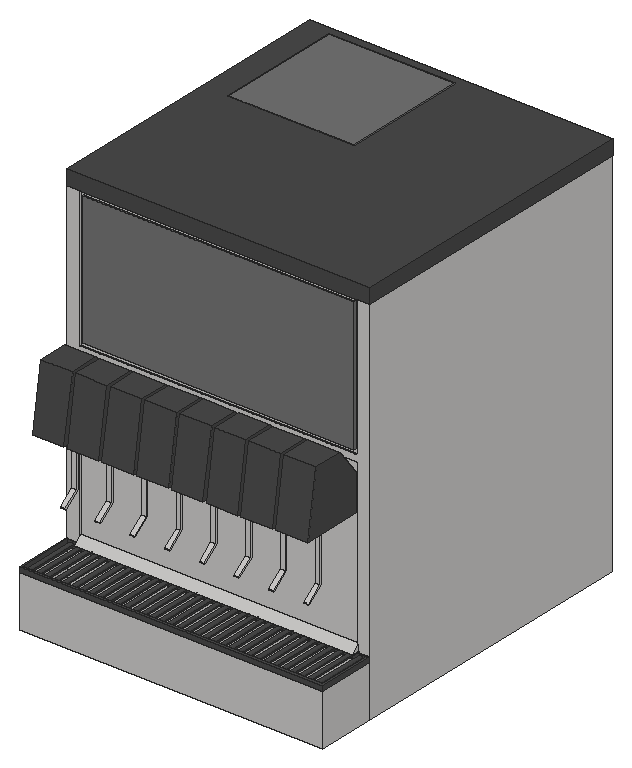
Revit family "QF_LANCER_CED 8000 HI_cat", category Specialty Equipment, Revit 2012
Parameters
  Width [instance] = 24"  # constant formula
  Weight in Pounds = 220
  Watts = 0 W
  Waste Water Discharge Temperature [instance] = -459.67 °F
  Volts = 115 V
  URL Cutsheet = "www.lancercorp.com"
  URL = "www.lancercorp.com"
  Type Mark [instance] = ""
  Status [instance] = ""
  Specification by User [instance] = ""
  Specification by Manufacturer = ""
  Show Clearance [instance] = no
  Serial Number = ""
  Seismic Rating = ""
  SMACNA No = ""
  Revision Code [instance] = ""
  Refrigerant Type = "R134A"
  Plumbing Remarks [instance] = ""
  Plumbing Connection Type [instance] = ""
  Phase = 0
  Omniclass Number and Title = ""
  Number of Poles [instance] = 1
  NAFEM Spec ID Number = ""
  Model = "CED 8000 HI"
  Min Ckt Ampacity = 0 A
  Max Overcurrent Protection = 0 A
  Masterspec = ""
  Manufacturer = "LANCER"
  Item Number [instance] = ""
  Installed By [instance] = ""
  Indirect Waste Size = 3/4"
  Indirect Waste Flow [instance] = 0 GPM
  Indirect Waste Connection Type [instance] = ""
  Indirect Waste Connection Height = 0"
  Identify Quantity as Lot [instance] = yes
  Height [instance] = 30 5/8"  # constant formula
  HP = "3/4"
  Furnished By [instance] = ""
  Foodservice Equipment Identifier [instance] = yes
  FL Amps = 14 A
  Electrical Remarks [instance] = ""
  Electric Connection Type [instance] = ""
  Elec Conn RI Height [instance] = 0"
  Elec Conn Connection Height [instance] = 0"
  Description = "HIGH PERFORMANCE DISPENSER"
  Depth [instance] = 28 5/8"  # constant formula
  Cycle = 50 Hz
  Conn Plug = ""
  Conn Conduit = yes
  Cold Water Temperature Recommended [instance] = 0 °F
  Cold Water Size = 3/8"
  Cold Water RI Height [instance] = 0"
  Cold Water Minimum Pressure = 0.00 psi
  Cold Water Maximum Pressure = 0.00 psi
  Cold Water Flow [instance] = 0 GPM
  Cold Water Consumption = ""
  Cold Water Connection Height = 0"
  CSI MasterFormat = ""
  CSI Master Format = ""
  Base Height [instance] = 0"
  Apparent Power = if(Phase = 3, Volts * FL Amps * 1.73, Volts * FL Amps)  # 1610 VA
Reference planes (in)
  plane 1 "BACK": y = 0
  plane 2: z = 0
  plane 3 "LEFT": x = 0
  plane 4 "RIGHT": x = 24
  plane 5 "FRONT": y = -28.625
  plane 6 "TOP": z = 30.625
  plane 7: x = 12
  plane 8: y = -14.3125
  plane 9: y = -24
  plane 10 "Base": z = 0
  plane 11: z = 4.46
  plane 12: z = 14.1475
  plane 13: x = 2.25
  plane 14: x = 5.08367
  plane 15: x = 2.45867
  plane 16: x = 1
  plane 17: x = 23
  plane 18: x = 1.55708
  plane 19: x = 22.44292
  plane 20: x = 21.5
  plane 21: x = 24.33367
  plane 22: x = 21.70867
  plane 23: x = 5
  plane 24: x = 7.83367
  plane 25: x = 5.20867
  plane 26: x = 7.75
  plane 27: x = 10.58367
  plane 28: x = 7.95867
  plane 29: x = 10.5
  plane 30: x = 13.33367
  plane 31: x = 10.70867
  plane 32: x = 13.25
  plane 33: x = 16.08367
  plane 34: x = 13.45867
  plane 35: x = 16
  plane 36: x = 18.83367
  plane 37: x = 16.20867
  plane 38: x = 18.75
  plane 39: x = 21.58367
  plane 40: x = 18.95867
  plane 41: z = 4
  plane 42: z = 17.95186
  plane 43: z = 15.3125
Forms (in)
  Extrusion 1, solid, material "QF_Finishes_Stainless Steel"
    sketch origin (-4.95282, -180, 0) x (-1, 0, 0) y (0, -1, 0)
      loop
        line (-4.95282, -156) -> (-28.95282, -156) -> (-28.95282, -179.9375) -> (-4.95282, -179.9375) -> (-4.95282, -156)
    from 0 to 29.43433
  Extrusion 2, solid, material "QF_Finishes_Black"
    sketch origin (-4.95282, -180, 29.43433) x (-1, 0, 0) y (0, -1, 0)
      loop
        line (-4.95282, -180) -> (-4.95282, -156) -> (-28.95282, -156) -> (-28.95282, -180) -> (-4.95282, -180)
      loop
        line (-6.95282, -169.4375) -> (-16.95282, -169.4375) -> (-16.95282, -179.4375) -> (-6.95282, -179.4375) -> (-6.95282, -169.4375)
    from 0 to 1.1875
  Extrusion 3, solid, material "QF_Finishes_Stainless Steel"
    sketch origin (-4.83017, -180, 0) x (-1, 0, 0) y (0, -1, 0)
      loop
        line (-4.83017, -156) -> (-4.83017, -151.375) -> (-28.83017, -151.375) -> (-28.83017, -156) -> (-4.83017, -156)
      loop
        line (-4.95366, -155.87651) -> (-4.95366, -151.49849) -> (-28.70668, -151.49849) -> (-28.70668, -155.87651) -> (-4.95366, -155.87651)
    from 0 to 4
  Extrusion 4, solid, material "QF_Finishes_Stainless Steel"
    sketch origin (-4.83017, -180, 0) x (-1, 0, 0) y (0, -1, 0)
      loop
        line (-4.95366, -155.875) -> (-4.95366, -151.49849) -> (-28.70668, -151.49849) -> (-28.70668, -155.875) -> (-4.95366, -155.875)
    from 0 to 0.25
  Extrusion 5, solid, material "QF_Finishes_Stainless Steel"
    sketch origin (0, 0.125, 0) x (0, 1, 0) y (0, 0, 1)
      loop
        line (-24, 5.06401) -> (-24.60401, 4.46) -> (-24, 4.46) -> (-24, 5.06401)
    from 1 to 23
  Extrusion 6, solid, material "QF_Finishes_Stainless Steel"
    sketch origin (-6.80125, -0.0625, 13.79713) x (1, 0, 0) y (0, 0, -1)
      loop
        circle (18.8125, -1.5) r 0.25
      loop
        circle (29.55125, 12.54713) r 0.1875
    from 0 to 0.0625
  Extrusion 7, solid, material "QF_Finishes_Rubber Black"
    sketch origin (-4.95282, -180, 29.43433) x (-1, 0, 0) y (0, -1, 0)
      loop
        line (-16.95282, -179.4375) -> (-6.95282, -179.4375) -> (-6.95282, -169.4375) -> (-16.95282, -169.4375) -> (-16.95282, -179.4375)
    from 0 to 1.1875
  Extrusion 8, solid, material "QF_Finishes_Black"
    sketch origin (4.07258, -0.50784, -1.4775) x (0, 1, 0) y (0, 0, -1)
      loop
        line (-27.30905, -20.625) -> (-24.95598, -20.625) -> (-23.36716, -18.5914) -> (-23.36716, -15.625) -> (-28.11716, -15.625) -> (-27.30905, -20.625)
    from 0.57258 to 3.07258
  Extrusion 9, solid, material "QF_Finishes_Black"
    sketch origin (-4.57258, -0.50784, -2.29283) x (1, 0, 0) y (0, 1, 0)
      loop
        circle (6.82258, -26.65163) r 0.5
    from 15.81486 to 16.44033
  Sweep 10, solid, material "QF_Finishes_Stainless Steel"
    path origin (0.55242, -0.50784, -2.29283) x (0, 1, 0) y (0, 0, 1)
      loop
        line (-25.46144, 16.44033) -> (-25.46144, 11.90908) -> (-26.65939, 11.00636)
    profile origin (0.55242, -25.96928, 11.88187) x (1, 0, 0) y (0, 1, 0)
      loop
        line (1.51008, 0) -> (1.51008, -0.0625) -> (1.88508, -0.0625) -> (1.88508, 0) -> (1.51008, 0)
  Extrusion 11, void
    sketch origin (24, -24, 0) x (-1, 0, 0) y (0, 0, -1)
      loop
        line (23, -17.95186) -> (23, -3.5) -> (1, -3.5) -> (1, -17.95186) -> (23, -17.95186)
      loop
        line (23, -18.45186) -> (1, -18.45186) -> (1, -29.43433) -> (23, -29.43433) -> (23, -18.45186)
    from 0.08328 to -0.125
  Extrusion 12, solid, material "QF_Finishes_Black"
    sketch origin (23.32258, -0.50784, -1.4775) x (0, 1, 0) y (0, 0, -1)
      loop
        line (-27.30905, -20.625) -> (-24.95598, -20.625) -> (-23.36716, -18.5914) -> (-23.36716, -15.625) -> (-28.11716, -15.625) -> (-27.30905, -20.625)
    from 0.57258 to 3.07258
  Extrusion 13, solid, material "QF_Finishes_Black"
    sketch origin (14.67742, -0.50784, -2.29283) x (1, 0, 0) y (0, 1, 0)
      loop
        circle (6.82258, -26.65163) r 0.5
    from 15.81486 to 16.44033
  Sweep 14, solid, material "QF_Finishes_Stainless Steel"
    path origin (19.80242, -0.50784, -2.29283) x (0, 1, 0) y (0, 0, 1)
      loop
        line (-25.46144, 16.44033) -> (-25.46144, 11.90908) -> (-26.65939, 11.00636)
    profile origin (19.80242, -25.96928, 11.88187) x (1, 0, 0) y (0, 1, 0)
      loop
        line (1.51008, 0) -> (1.51008, -0.0625) -> (1.88508, -0.0625) -> (1.88508, 0) -> (1.51008, 0)
  Extrusion 15, solid, material "QF_Finishes_Black"
    sketch origin (6.82258, -0.50784, -1.4775) x (0, 1, 0) y (0, 0, -1)
      loop
        line (-27.30905, -20.625) -> (-24.95598, -20.625) -> (-23.36716, -18.5914) -> (-23.36716, -15.625) -> (-28.11716, -15.625) -> (-27.30905, -20.625)
    from 0.57258 to 3.07258
  Extrusion 16, solid, material "QF_Finishes_Black"
    sketch origin (-1.82258, -0.50784, -2.29283) x (1, 0, 0) y (0, 1, 0)
      loop
        circle (6.82258, -26.65163) r 0.5
    from 15.81486 to 16.44033
  Sweep 17, solid, material "QF_Finishes_Stainless Steel"
    path origin (3.30242, -0.50784, -2.29283) x (0, 1, 0) y (0, 0, 1)
      loop
        line (-25.46144, 16.44033) -> (-25.46144, 11.90908) -> (-26.65939, 11.00636)
    profile origin (3.30242, -25.96928, 11.88187) x (1, 0, 0) y (0, 1, 0)
      loop
        line (1.51008, 0) -> (1.51008, -0.0625) -> (1.88508, -0.0625) -> (1.88508, 0) -> (1.51008, 0)
  Extrusion 18, solid, material "QF_Finishes_Black"
    sketch origin (9.57258, -0.50784, -1.4775) x (0, 1, 0) y (0, 0, -1)
      loop
        line (-27.30905, -20.625) -> (-24.95598, -20.625) -> (-23.36716, -18.5914) -> (-23.36716, -15.625) -> (-28.11716, -15.625) -> (-27.30905, -20.625)
    from 0.57258 to 3.07258
  Extrusion 19, solid, material "QF_Finishes_Black"
    sketch origin (0.92742, -0.50784, -2.29283) x (1, 0, 0) y (0, 1, 0)
      loop
        circle (6.82258, -26.65163) r 0.5
    from 15.81486 to 16.44033
  Sweep 20, solid, material "QF_Finishes_Stainless Steel"
    path origin (6.05242, -0.50784, -2.29283) x (0, 1, 0) y (0, 0, 1)
      loop
        line (-25.46144, 16.44033) -> (-25.46144, 11.90908) -> (-26.65939, 11.00636)
    profile origin (6.05242, -25.96928, 11.88187) x (1, 0, 0) y (0, 1, 0)
      loop
        line (1.51008, 0) -> (1.51008, -0.0625) -> (1.88508, -0.0625) -> (1.88508, 0) -> (1.51008, 0)
  Extrusion 21, solid, material "QF_Finishes_Black"
    sketch origin (12.32258, -0.50784, -1.4775) x (0, 1, 0) y (0, 0, -1)
      loop
        line (-27.30905, -20.625) -> (-24.95598, -20.625) -> (-23.36716, -18.5914) -> (-23.36716, -15.625) -> (-28.11716, -15.625) -> (-27.30905, -20.625)
    from 0.57258 to 3.07258
  Extrusion 22, solid, material "QF_Finishes_Black"
    sketch origin (3.67742, -0.50784, -2.29283) x (1, 0, 0) y (0, 1, 0)
      loop
        circle (6.82258, -26.65163) r 0.5
    from 15.81486 to 16.44033
  Sweep 23, solid, material "QF_Finishes_Stainless Steel"
    path origin (8.80242, -0.50784, -2.29283) x (0, 1, 0) y (0, 0, 1)
      loop
        line (-25.46144, 16.44033) -> (-25.46144, 11.90908) -> (-26.65939, 11.00636)
    profile origin (8.80242, -25.96928, 11.88187) x (1, 0, 0) y (0, 1, 0)
      loop
        line (1.51008, 0) -> (1.51008, -0.0625) -> (1.88508, -0.0625) -> (1.88508, 0) -> (1.51008, 0)
  Extrusion 24, solid, material "QF_Finishes_Black"
    sketch origin (15.07258, -0.50784, -1.4775) x (0, 1, 0) y (0, 0, -1)
      loop
        line (-27.30905, -20.625) -> (-24.95598, -20.625) -> (-23.36716, -18.5914) -> (-23.36716, -15.625) -> (-28.11716, -15.625) -> (-27.30905, -20.625)
    from 0.57258 to 3.07258
  Extrusion 25, solid, material "QF_Finishes_Black"
    sketch origin (6.42742, -0.50784, -2.29283) x (1, 0, 0) y (0, 1, 0)
      loop
        circle (6.82258, -26.65163) r 0.5
    from 15.81486 to 16.44033
  Sweep 26, solid, material "QF_Finishes_Stainless Steel"
    path origin (11.55242, -0.50784, -2.29283) x (0, 1, 0) y (0, 0, 1)
      loop
        line (-25.46144, 16.44033) -> (-25.46144, 11.90908) -> (-26.65939, 11.00636)
    profile origin (11.55242, -25.96928, 11.88187) x (1, 0, 0) y (0, 1, 0)
      loop
        line (1.51008, 0) -> (1.51008, -0.0625) -> (1.88508, -0.0625) -> (1.88508, 0) -> (1.51008, 0)
  Extrusion 27, solid, material "QF_Finishes_Black"
    sketch origin (17.82258, -0.50784, -1.4775) x (0, 1, 0) y (0, 0, -1)
      loop
        line (-27.30905, -20.625) -> (-24.95598, -20.625) -> (-23.36716, -18.5914) -> (-23.36716, -15.625) -> (-28.11716, -15.625) -> (-27.30905, -20.625)
    from 0.57258 to 3.07258
  Extrusion 28, solid, material "QF_Finishes_Black"
    sketch origin (9.17742, -0.50784, -2.29283) x (1, 0, 0) y (0, 1, 0)
      loop
        circle (6.82258, -26.65163) r 0.5
    from 15.81486 to 16.44033
  Sweep 29, solid, material "QF_Finishes_Stainless Steel"
    path origin (14.30242, -0.50784, -2.29283) x (0, 1, 0) y (0, 0, 1)
      loop
        line (-25.46144, 16.44033) -> (-25.46144, 11.90908) -> (-26.65939, 11.00636)
    profile origin (14.30242, -25.96928, 11.88187) x (1, 0, 0) y (0, 1, 0)
      loop
        line (1.51008, 0) -> (1.51008, -0.0625) -> (1.88508, -0.0625) -> (1.88508, 0) -> (1.51008, 0)
  Extrusion 30, solid, material "QF_Finishes_Black"
    sketch origin (20.57258, -0.50784, -1.4775) x (0, 1, 0) y (0, 0, -1)
      loop
        line (-27.30905, -20.625) -> (-24.95598, -20.625) -> (-23.36716, -18.5914) -> (-23.36716, -15.625) -> (-28.11716, -15.625) -> (-27.30905, -20.625)
    from 0.57258 to 3.07258
  Extrusion 31, solid, material "QF_Finishes_Black"
    sketch origin (11.92742, -0.50784, -2.29283) x (1, 0, 0) y (0, 1, 0)
      loop
        circle (6.82258, -26.65163) r 0.5
    from 15.81486 to 16.44033
  Sweep 32, solid, material "QF_Finishes_Stainless Steel"
    path origin (17.05242, -0.50784, -2.29283) x (0, 1, 0) y (0, 0, 1)
      loop
        line (-25.46144, 16.44033) -> (-25.46144, 11.90908) -> (-26.65939, 11.00636)
    profile origin (17.05242, -25.96928, 11.88187) x (1, 0, 0) y (0, 1, 0)
      loop
        line (1.51008, 0) -> (1.51008, -0.0625) -> (1.88508, -0.0625) -> (1.88508, 0) -> (1.51008, 0)
  Extrusion 33, solid, material "QF_Finishes_Black"
    sketch origin (-4.83017, -180, 4) x (-1, 0, 0) y (0, -1, 0)
      loop
        line (-4.83017, -156) -> (-4.83017, -151.375) -> (-28.83017, -151.375) -> (-28.83017, -156) -> (-4.83017, -156)
      loop
        line (-4.95366, -151.49849) -> (-28.70668, -151.49849) -> (-28.70668, -155.87651) -> (-4.95366, -155.87651) -> (-4.95366, -151.49849)
    from 0 to 0.46
  Extrusion 34, solid, material "QF_Finishes_Black"
    sketch origin (0, 0, -12.75) x (1, 0, 0) y (0, 0, 1)
      loop
        circle (0.48625, 16.97888) r 0.15329
      loop
        circle (1.17846, 16.97888) r 0.15329
      loop
        circle (1.87067, 16.97888) r 0.15329
      loop
        circle (2.56289, 16.97888) r 0.15329
      loop
        circle (3.2551, 16.97888) r 0.15329
      loop
        circle (3.94731, 16.97888) r 0.15329
      loop
        circle (4.63953, 16.97888) r 0.15329
      loop
        circle (5.33174, 16.97888) r 0.15329
      loop
        circle (6.02395, 16.97888) r 0.15329
      loop
        circle (6.71617, 16.97888) r 0.15329
      loop
        circle (7.40838, 16.97888) r 0.15329
      loop
        circle (8.10059, 16.97888) r 0.15329
      loop
        circle (8.79281, 16.97888) r 0.15329
      loop
        circle (9.48502, 16.97888) r 0.15329
      loop
        circle (10.17724, 16.97888) r 0.15329
      loop
        circle (10.86945, 16.97888) r 0.15329
      loop
        circle (11.56166, 16.97888) r 0.15329
      loop
        circle (12.25388, 16.97888) r 0.15329
      loop
        circle (12.94609, 16.97888) r 0.15329
      loop
        circle (13.6383, 16.97888) r 0.15329
      loop
        circle (14.33052, 16.97888) r 0.15329
      loop
        circle (15.02273, 16.97888) r 0.15329
      loop
        circle (15.71494, 16.97888) r 0.15329
      loop
        circle (16.40716, 16.97888) r 0.15329
      loop
        circle (17.09937, 16.97888) r 0.15329
      loop
        circle (17.79158, 16.97888) r 0.15329
      loop
        circle (18.4838, 16.97888) r 0.15329
      loop
        circle (19.17601, 16.97888) r 0.15329
      loop
        circle (19.86823, 16.97888) r 0.15329
      loop
        circle (20.56044, 16.97888) r 0.15329
      loop
        circle (21.25265, 16.97888) r 0.15329
      loop
        circle (21.94487, 16.97888) r 0.15329
      loop
        circle (22.63708, 16.97888) r 0.15329
      loop
        circle (23.32929, 16.97888) r 0.15329
    from 23.49849 to 28.50151
  Extrusion 35, solid, material "QF_Finishes_Vents_Rubber Black"
    sketch origin (24, -23.875, 0) x (-1, 0, 0) y (0, 0, -1)
      loop
        line (1.25, -18.70186) -> (1.25, -29.18433) -> (22.75, -29.18433) -> (22.75, -18.70186) -> (1.25, -18.70186)
    from 0 to 0.125
  Extrusion 36, solid, material "QF_Finishes_Stainless Steel"
    sketch origin (-4.83017, -180, 0) x (0, -1, 0) y (-1, 0, 0)
      loop
        circle (-153.68675, -16.83017) r 0.375
    from 0 to 0.0625
Cuts and joins
  Extrusion 11 cuts Extrusion 1
Lines and regions (in)
  Split face 1
    outline origin (7.71773, -27.85696, 18.89959) x (0, -0.159551, -0.98719) y (1, 0, 0)
      loop
        line (3.50126, -4.28023) -> (-0.18862, -4.28023) -> (-0.18862, -6.65523) -> (3.50126, -6.65523) -> (3.50126, -4.28023)
  Split face 2
    outline origin (24, -24, 30.95857) x (0, 0, -1) y (0, 1, 0)
      loop
        line (13.00671, 0) -> (13.00671, 23.9375)
  Split face 3
    outline origin (0, -0.0625, 29.43433) x (0, 0, -1) y (0, -1, 0)
      loop
        line (11.48247, 23.9375) -> (11.48247, 0)
  Split face 4
    outline origin (26.96773, -27.85696, 18.89959) x (0, -0.159551, -0.98719) y (1, 0, 0)
      loop
        line (3.50126, -4.28023) -> (-0.18862, -4.28023) -> (-0.18862, -6.65523) -> (3.50126, -6.65523) -> (3.50126, -4.28023)
  Split face 5
    outline origin (10.46773, -27.85696, 18.89959) x (0, -0.159551, -0.98719) y (1, 0, 0)
      loop
        line (3.50126, -4.28023) -> (-0.18862, -4.28023) -> (-0.18862, -6.65523) -> (3.50126, -6.65523) -> (3.50126, -4.28023)
  Split face 6
    outline origin (13.21773, -27.85696, 18.89959) x (0, -0.159551, -0.98719) y (1, 0, 0)
      loop
        line (3.50126, -4.28023) -> (-0.18862, -4.28023) -> (-0.18862, -6.65523) -> (3.50126, -6.65523) -> (3.50126, -4.28023)
  Split face 7
    outline origin (15.96773, -27.85696, 18.89959) x (0, -0.159551, -0.98719) y (1, 0, 0)
      loop
        line (3.50126, -4.28023) -> (-0.18862, -4.28023) -> (-0.18862, -6.65523) -> (3.50126, -6.65523) -> (3.50126, -4.28023)
  Split face 8
    outline origin (18.71773, -27.85696, 18.89959) x (0, -0.159551, -0.98719) y (1, 0, 0)
      loop
        line (3.50126, -4.28023) -> (-0.18862, -4.28023) -> (-0.18862, -6.65523) -> (3.50126, -6.65523) -> (3.50126, -4.28023)
  Split face 9
    outline origin (21.46773, -27.85696, 18.89959) x (0, -0.159551, -0.98719) y (1, 0, 0)
      loop
        line (3.50126, -4.28023) -> (-0.18862, -4.28023) -> (-0.18862, -6.65523) -> (3.50126, -6.65523) -> (3.50126, -4.28023)
  Split face 10
    outline origin (24.21773, -27.85696, 18.89959) x (0, -0.159551, -0.98719) y (1, 0, 0)
      loop
        line (3.50126, -4.28023) -> (-0.18862, -4.28023) -> (-0.18862, -6.65523) -> (3.50126, -6.65523) -> (3.50126, -4.28023)
  Split face 11
    outline origin (-4.95282, -180, 30.62183) x (-1, 0, 0) y (0, -1, 0)
      loop
        line (-6.95282, -179.1875) -> (-16.95282, -179.1875)
      loop
        line (-6.95282, -178.9375) -> (-16.95282, -178.9375)
      loop
        line (-6.95282, -178.6875) -> (-16.95282, -178.6875)
      loop
        line (-6.95282, -178.4375) -> (-16.95282, -178.4375)
      loop
        line (-6.95282, -178.1875) -> (-16.95282, -178.1875)
      loop
        line (-6.95282, -177.9375) -> (-16.95282, -177.9375)
      loop
        line (-6.95282, -177.6875) -> (-16.95282, -177.6875)
      loop
        line (-6.95282, -177.4375) -> (-16.95282, -177.4375)
      loop
        line (-6.95282, -177.1875) -> (-16.95282, -177.1875)
      loop
        line (-6.95282, -176.9375) -> (-16.95282, -176.9375)
      loop
        line (-6.95282, -176.6875) -> (-16.95282, -176.6875)
      loop
        line (-6.95282, -176.4375) -> (-16.95282, -176.4375)
      loop
        line (-6.95282, -176.1875) -> (-16.95282, -176.1875)
      loop
        line (-6.95282, -175.9375) -> (-16.95282, -175.9375)
      loop
        line (-6.95282, -175.6875) -> (-16.95282, -175.6875)
      loop
        line (-6.95282, -175.4375) -> (-16.95282, -175.4375)
      loop
        line (-6.95282, -175.1875) -> (-16.95282, -175.1875)
      loop
        line (-6.95282, -174.9375) -> (-16.95282, -174.9375)
      loop
        line (-6.95282, -174.6875) -> (-16.95282, -174.6875)
      loop
        line (-6.95282, -174.4375) -> (-16.95282, -174.4375)
      loop
        line (-6.95282, -174.1875) -> (-16.95282, -174.1875)
      loop
        line (-6.95282, -173.9375) -> (-16.95282, -173.9375)
      loop
        line (-6.95282, -173.6875) -> (-16.95282, -173.6875)
      loop
        line (-6.95282, -173.4375) -> (-16.95282, -173.4375)
      loop
        line (-6.95282, -173.1875) -> (-16.95282, -173.1875)
      loop
        line (-6.95282, -172.9375) -> (-16.95282, -172.9375)
      loop
        line (-6.95282, -172.6875) -> (-16.95282, -172.6875)
      loop
        line (-6.95282, -172.4375) -> (-16.95282, -172.4375)
      loop
        line (-6.95282, -172.1875) -> (-16.95282, -172.1875)
      loop
        line (-6.95282, -171.9375) -> (-16.95282, -171.9375)
      loop
        line (-6.95282, -171.6875) -> (-16.95282, -171.6875)
      loop
        line (-6.95282, -171.4375) -> (-16.95282, -171.4375)
      loop
        line (-6.95282, -171.1875) -> (-16.95282, -171.1875)
      loop
        line (-6.95282, -170.9375) -> (-16.95282, -170.9375)
      loop
        line (-6.95282, -170.6875) -> (-16.95282, -170.6875)
      loop
        line (-6.95282, -170.4375) -> (-16.95282, -170.4375)
      loop
        line (-6.95282, -170.13403) -> (-16.95282, -170.13403)
      loop
        line (-6.95282, -169.88403) -> (-16.95282, -169.88403)
      loop
        line (-6.95282, -169.63403) -> (-16.95282, -169.63403)
  Split face 12
    outline origin (0, -24, 16.68433) x (0, 0, -1) y (1, 0, 0)
      loop
        line (-1.26753, 23) -> (-1.26753, 24)
      loop
        line (-1.26753, 1) -> (-1.26753, 0)
  symbolic lines
    curve 1: line (0, -28.625, 0) -> (24, -28.625, 0)
    curve 2: line (24, -24, 0) -> (0, -24, 0)
    curve 3: line (0, -24, 0) -> (0, -28.625, 0)
    curve 4: line (24, 0, 0) -> (0, 0, 0)
    curve 5: line (24, -28.625, 0) -> (24, 0, 0)
    curve 6: line (0, 0, 0) -> (0, -24, 0)
    curve 7: line (3.5, -25.46382, 0) -> (1, -25.46382, 0)
    curve 8: line (3.5, -28.625, 0) -> (3.5, -24, 0)
    curve 9: line (1, -24, 0) -> (1, -28.625, 0)
    curve 10: line (1, -27.81689, 0) -> (3.5, -27.81689, 0)
    curve 11: line (22.75, -25.46382, 0) -> (20.25, -25.46382, 0)
    curve 12: line (22.75, -28.625, 0) -> (22.75, -24, 0)
    curve 13: line (20.25, -24, 0) -> (20.25, -28.625, 0)
    curve 14: line (20.25, -27.81689, 0) -> (22.75, -27.81689, 0)
    curve 15: line (6.25, -25.46382, 0) -> (3.75, -25.46382, 0)
    curve 16: line (6.25, -28.625, 0) -> (6.25, -24, 0)
    curve 17: line (3.75, -24, 0) -> (3.75, -28.625, 0)
    curve 18: line (3.75, -27.81689, 0) -> (6.25, -27.81689, 0)
    curve 19: line (9, -25.46382, 0) -> (6.5, -25.46382, 0)
    curve 20: line (9, -28.625, 0) -> (9, -24, 0)
    curve 21: line (6.5, -24, 0) -> (6.5, -28.625, 0)
    curve 22: line (6.5, -27.81689, 0) -> (9, -27.81689, 0)
    curve 23: line (11.75, -25.46382, 0) -> (9.25, -25.46382, 0)
    curve 24: line (11.75, -28.625, 0) -> (11.75, -24, 0)
    curve 25: line (9.25, -24, 0) -> (9.25, -28.625, 0)
    curve 26: line (9.25, -27.81689, 0) -> (11.75, -27.81689, 0)
    curve 27: line (14.5, -25.46382, 0) -> (12, -25.46382, 0)
    curve 28: line (14.5, -28.625, 0) -> (14.5, -24, 0)
    curve 29: line (12, -24, 0) -> (12, -28.625, 0)
    curve 30: line (12, -27.81689, 0) -> (14.5, -27.81689, 0)
    curve 31: line (17.25, -25.46382, 0) -> (14.75, -25.46382, 0)
    curve 32: line (17.25, -28.625, 0) -> (17.25, -24, 0)
    curve 33: line (14.75, -24, 0) -> (14.75, -28.625, 0)
    curve 34: line (14.75, -27.81689, 0) -> (17.25, -27.81689, 0)
    curve 35: line (20, -25.46382, 0) -> (17.5, -25.46382, 0)
    curve 36: line (20, -28.625, 0) -> (20, -24, 0)
    curve 37: line (17.5, -24, 0) -> (17.5, -28.625, 0)
    curve 38: line (17.5, -27.81689, 0) -> (20, -27.81689, 0)
    curve 39: line (2, -10.5625, 0) -> (12, -10.5625, 0)
    curve 40: line (12, -10.5625, 0) -> (12, -0.5625, 0)
    curve 41: line (2, -0.5625, 0) -> (2, -10.5625, 0)
    curve 42: line (12, -0.5625, 0) -> (2, -0.5625, 0)
    curve 43: line (2, -0.8125, 0) -> (12, -0.8125, 0)
    curve 44: line (2, -1.0625, 0) -> (12, -1.0625, 0)
    curve 45: line (2, -1.3125, 0) -> (12, -1.3125, 0)
    curve 46: line (2, -1.5625, 0) -> (12, -1.5625, 0)
    curve 47: line (2, -1.8125, 0) -> (12, -1.8125, 0)
    curve 48: line (2, -2.0625, 0) -> (12, -2.0625, 0)
    curve 49: line (2, -2.3125, 0) -> (12, -2.3125, 0)
    curve 50: line (2, -2.5625, 0) -> (12, -2.5625, 0)
    curve 51: line (2, -2.8125, 0) -> (12, -2.8125, 0)
    curve 52: line (2, -3.0625, 0) -> (12, -3.0625, 0)
    curve 53: line (2, -3.3125, 0) -> (12, -3.3125, 0)
    curve 54: line (2, -3.5625, 0) -> (12, -3.5625, 0)
    curve 55: line (2, -3.8125, 0) -> (12, -3.8125, 0)
    curve 56: line (2, -4.0625, 0) -> (12, -4.0625, 0)
    curve 57: line (2, -4.3125, 0) -> (12, -4.3125, 0)
    curve 58: line (2, -4.5625, 0) -> (12, -4.5625, 0)
    curve 59: line (2, -4.8125, 0) -> (12, -4.8125, 0)
    curve 60: line (2, -5.0625, 0) -> (12, -5.0625, 0)
    curve 61: line (2, -5.3125, 0) -> (12, -5.3125, 0)
    curve 62: line (2, -5.5625, 0) -> (12, -5.5625, 0)
    curve 63: line (2, -5.8125, 0) -> (12, -5.8125, 0)
    curve 64: line (2, -6.0625, 0) -> (12, -6.0625, 0)
    curve 65: line (2, -6.3125, 0) -> (12, -6.3125, 0)
    curve 66: line (2, -6.5625, 0) -> (12, -6.5625, 0)
    curve 67: line (2, -6.8125, 0) -> (12, -6.8125, 0)
    curve 68: line (2, -7.0625, 0) -> (12, -7.0625, 0)
    curve 69: line (2, -7.3125, 0) -> (12, -7.3125, 0)
    curve 70: line (2, -7.5625, 0) -> (12, -7.5625, 0)
    curve 71: line (2, -7.8125, 0) -> (12, -7.8125, 0)
    curve 72: line (2, -8.0625, 0) -> (12, -8.0625, 0)
    curve 73: line (2, -8.3125, 0) -> (12, -8.3125, 0)
    curve 74: line (2, -8.5625, 0) -> (12, -8.5625, 0)
    curve 75: line (2, -8.8125, 0) -> (12, -8.8125, 0)
    curve 76: line (2, -9.0625, 0) -> (12, -9.0625, 0)
    curve 77: line (2, -9.3125, 0) -> (12, -9.3125, 0)
    curve 78: line (2, -9.5625, 0) -> (12, -9.5625, 0)
    curve 79: line (2, -9.86597, 0) -> (12, -9.86597, 0)
    curve 80: line (2, -10.11597, 0) -> (12, -10.11597, 0)
    curve 81: line (2, -10.36597, 0) -> (12, -10.36597, 0)
    curve 82: line (5.25, -0.5625, 0) -> (5.25, -10.5625, 0)
    curve 83: line (8.75, -0.5625, 0) -> (8.75, -10.5625, 0)
Dimensions and locks (in)
  "Width": plane 3 "LEFT" to plane 4 "RIGHT"
  "Depth": plane 5 "FRONT" to plane 1 "BACK"
  equal spacing: plane 3 "LEFT", plane 7, plane 4 "RIGHT"
  equal spacing: plane 5 "FRONT", plane 8, plane 1 "BACK"
  plane 9 to plane 5 "FRONT" = 4 5/8"
  "Base Height": plane 10 "Base" to level
  plane 12 to plane 11 to plane 10 "Base" = 9 11/16", 4.46"
  plane 9 to plane 1 "BACK" = 24"
  plane 17 to plane 4 "RIGHT" = 1"
  plane 16 to plane 3 "LEFT" = 1"
  "Height": plane 6 "TOP" to plane 10 "Base"
  plane 3 "LEFT" to Extrusion 1 = 24"
  equal spacing: group 1, group 3, group 4, group 5, group 6, group 7, group 8, group 2  (x3)
  plane 1 "BACK" to plane 9 = 24"
  equal spacing: plane 6 "TOP", plane 43, level
  aligned and locked: level to plane 2
  aligned and locked: plane 12 to Extrusion 8  (x2)
Automatic sketch dimensions
  Extrusion 8 to Split face 1 sketch curve = 1/16"
  Split face 1 sketch curve to Extrusion 8 = 1/16"  (x2)
  Split face 1 sketch curve to Extrusion 8 = 1 5/16"
  plane 15 to Extrusion 9 sketch curve = 0.20867"
  Sweep 10 sketch curve to Sweep 10 sketch curve = 1.19795"
  Sweep 10 sketch curve to Sweep 10 sketch curve = 0.90272"
  profile plane to Sweep 10 sketch curve = 0"
  profile plane to Sweep 10 sketch curve = 1/16"
  plane 13 to Sweep 10 sketch curve = 3/16"
  Sweep 10 sketch curve to plane 13 = 3/16"
  Sweep 10 sketch curve to Sweep 10 sketch curve = 4 17/32"
  Extrusion 1 sketch curve to plane 4 "RIGHT" = 0"
  Extrusion 1 sketch curve to plane 3 "LEFT" = 0"
  Extrusion 1 sketch curve to plane 9 = 0"
  plane 1 "BACK" to Extrusion 1 sketch curve = 1/16"
  Extrusion 1 to Extrusion 2 sketch curve = 0"
  Extrusion 2 sketch curve to Extrusion 1 = 0"  (x2)
  Extrusion 1 to Extrusion 2 sketch curve = 1/16"
  Extrusion 2 sketch curve to Extrusion 1 = 12"
  Extrusion 2 sketch curve to Extrusion 1 = 2"
  Extrusion 2 sketch curve to Extrusion 1 = 1/2"
  Extrusion 2 sketch curve to Extrusion 1 = 13 7/16"
  Extrusion 3 sketch curve to plane 4 "RIGHT" = 0"
  Extrusion 3 sketch curve to plane 3 "LEFT" = 0"
  Extrusion 3 sketch curve to plane 9 = 0"
  plane 5 "FRONT" to Extrusion 3 sketch curve = 0"
  plane 4 "RIGHT" to Extrusion 3 sketch curve = 0.12349"
  plane 3 "LEFT" to Extrusion 3 sketch curve = 0.12349"
  Extrusion 3 sketch curve to plane 9 = 0.12349"
  Extrusion 3 sketch curve to plane 5 "FRONT" = 0.12349"
  plane 4 "RIGHT" to Extrusion 4 sketch curve = 0.12349"
  plane 3 "LEFT" to Extrusion 4 sketch curve = 0.12349"
  Extrusion 4 sketch curve to plane 9 = 1/8"
  Extrusion 4 sketch curve to plane 5 "FRONT" = 0.12349"
  plane 11 to Extrusion 5 sketch curve = 0"
  Extrusion 5 sketch curve to plane 9 = 0.47901"
  plane 9 to Extrusion 5 sketch curve = 1/8"
  Extrusion 5 sketch curve to plane 11 = 0.60401"
  Split face 2 sketch curve to cut or joined group of Extrusion 1, Extrusion 11 = 0"  (x2)
  Split face 3 sketch curve to cut or joined group of Extrusion 1, Extrusion 11 = 0"  (x2)
  Extrusion 12 to Split face 4 sketch curve = 1/16"
  Split face 4 sketch curve to Extrusion 12 = 1/16"  (x2)
  Split face 4 sketch curve to Extrusion 12 = 1 5/16"
  plane 22 to Extrusion 13 sketch curve = 0.20867"
  Sweep 14 sketch curve to Sweep 14 sketch curve = 1.19795"
  Sweep 14 sketch curve to Sweep 14 sketch curve = 0.90272"
  profile plane to Sweep 14 sketch curve = 0"
  profile plane to Sweep 14 sketch curve = 1/16"
  plane 20 to Sweep 14 sketch curve = 3/16"
  Sweep 14 sketch curve to plane 20 = 3/16"
  Sweep 14 sketch curve to Sweep 14 sketch curve = 4 17/32"
  Extrusion 15 to Split face 5 sketch curve = 1/16"
  Split face 5 sketch curve to Extrusion 15 = 1/16"  (x2)
  Split face 5 sketch curve to Extrusion 15 = 1 5/16"
  plane 25 to Extrusion 16 sketch curve = 0.20867"
  Sweep 17 sketch curve to Sweep 17 sketch curve = 1.19795"
  Sweep 17 sketch curve to Sweep 17 sketch curve = 0.90272"
  profile plane to Sweep 17 sketch curve = 0"
  profile plane to Sweep 17 sketch curve = 1/16"
  plane 23 to Sweep 17 sketch curve = 3/16"
  Sweep 17 sketch curve to plane 23 = 3/16"
  Sweep 17 sketch curve to Sweep 17 sketch curve = 4 17/32"
  Extrusion 18 to Split face 6 sketch curve = 1/16"
  Split face 6 sketch curve to Extrusion 18 = 1/16"  (x2)
  Split face 6 sketch curve to Extrusion 18 = 1 5/16"
  plane 28 to Extrusion 19 sketch curve = 0.20867"
  Sweep 20 sketch curve to Sweep 20 sketch curve = 1.19795"
  Sweep 20 sketch curve to Sweep 20 sketch curve = 0.90272"
  profile plane to Sweep 20 sketch curve = 0"
  profile plane to Sweep 20 sketch curve = 1/16"
  plane 26 to Sweep 20 sketch curve = 3/16"
  Sweep 20 sketch curve to plane 26 = 3/16"
  Sweep 20 sketch curve to Sweep 20 sketch curve = 4 17/32"
  Extrusion 21 to Split face 7 sketch curve = 1/16"
  Split face 7 sketch curve to Extrusion 21 = 1/16"  (x2)
  Split face 7 sketch curve to Extrusion 21 = 1 5/16"
  plane 31 to Extrusion 22 sketch curve = 0.20867"
  Sweep 23 sketch curve to Sweep 23 sketch curve = 1.19795"
  Sweep 23 sketch curve to Sweep 23 sketch curve = 0.90272"
  profile plane to Sweep 23 sketch curve = 0"
  profile plane to Sweep 23 sketch curve = 1/16"
  plane 29 to Sweep 23 sketch curve = 3/16"
  Sweep 23 sketch curve to plane 29 = 3/16"
  Sweep 23 sketch curve to Sweep 23 sketch curve = 4 17/32"
  Extrusion 24 to Split face 8 sketch curve = 1/16"
  Split face 8 sketch curve to Extrusion 24 = 1/16"  (x2)
  Split face 8 sketch curve to Extrusion 24 = 1 5/16"
  plane 34 to Extrusion 25 sketch curve = 0.20867"
  Sweep 26 sketch curve to Sweep 26 sketch curve = 1.19795"
  Sweep 26 sketch curve to Sweep 26 sketch curve = 0.90272"
  profile plane to Sweep 26 sketch curve = 0"
  profile plane to Sweep 26 sketch curve = 1/16"
  plane 32 to Sweep 26 sketch curve = 3/16"
  Sweep 26 sketch curve to plane 32 = 3/16"
  Sweep 26 sketch curve to Sweep 26 sketch curve = 4 17/32"
  Extrusion 27 to Split face 9 sketch curve = 1/16"
  Split face 9 sketch curve to Extrusion 27 = 1/16"  (x2)
  Split face 9 sketch curve to Extrusion 27 = 1 5/16"
  plane 37 to Extrusion 28 sketch curve = 0.20867"
  Sweep 29 sketch curve to Sweep 29 sketch curve = 1.19795"
  Sweep 29 sketch curve to Sweep 29 sketch curve = 0.90272"
  profile plane to Sweep 29 sketch curve = 0"
  profile plane to Sweep 29 sketch curve = 1/16"
  plane 35 to Sweep 29 sketch curve = 3/16"
  Sweep 29 sketch curve to plane 35 = 3/16"
  Sweep 29 sketch curve to Sweep 29 sketch curve = 4 17/32"
  Extrusion 30 to Split face 10 sketch curve = 1/16"
  Split face 10 sketch curve to Extrusion 30 = 1/16"  (x2)
  Split face 10 sketch curve to Extrusion 30 = 1 5/16"
  plane 40 to Extrusion 31 sketch curve = 0.20867"
  Sweep 32 sketch curve to Sweep 32 sketch curve = 1.19795"
  Sweep 32 sketch curve to Sweep 32 sketch curve = 0.90272"
  profile plane to Sweep 32 sketch curve = 0"
  profile plane to Sweep 32 sketch curve = 1/16"
  plane 38 to Sweep 32 sketch curve = 3/16"
  Sweep 32 sketch curve to plane 38 = 3/16"
  Sweep 32 sketch curve to Sweep 32 sketch curve = 4 17/32"
  Extrusion 33 sketch curve to Extrusion 3 = 0"  (x6)
  Extrusion 3 to Extrusion 33 sketch curve = 0"  (x2)
  Extrusion 34 sketch curve to plane 41 = 0.22888"  (x34)
  plane 3 "LEFT" to Extrusion 34 sketch curve = 0.48625"
  plane 16 to Extrusion 34 sketch curve = 0.17846"
  plane 18 to Extrusion 34 sketch curve = 0.3136"
  Extrusion 34 sketch curve to Extrusion 34 sketch curve = 0.69221"  (x26)
  Extrusion 34 sketch curve to plane 7 = 0.43834"
  plane 7 to Extrusion 34 sketch curve = 0.25388"
  plane 19 to Extrusion 34 sketch curve = 0.49806"
  Extrusion 34 sketch curve to plane 19 = 0.19416"
  plane 17 to Extrusion 34 sketch curve = 0.32929"
  Extrusion 12 sketch curve to Extrusion 12 sketch curve = 0.80811"
  Extrusion 12 sketch curve to Extrusion 12 sketch curve = 2.35307"
  Extrusion 12 sketch curve to Extrusion 12 sketch curve = 4 3/4"
  Extrusion 12 sketch curve to Extrusion 12 sketch curve = 2.0336"
  Extrusion 12 sketch curve to Extrusion 12 sketch curve = 2.9664"
  Extrusion 8 sketch curve to Extrusion 8 sketch curve = 0.80811"
  Extrusion 8 sketch curve to Extrusion 8 sketch curve = 2.35307"
  Extrusion 8 sketch curve to Extrusion 8 sketch curve = 4 3/4"
  Extrusion 8 sketch curve to Extrusion 8 sketch curve = 2.0336"
  Extrusion 8 sketch curve to Extrusion 8 sketch curve = 2.9664"
  Extrusion 15 sketch curve to Extrusion 15 sketch curve = 0.80811"
  Extrusion 15 sketch curve to Extrusion 15 sketch curve = 2.35307"
  Extrusion 15 sketch curve to Extrusion 15 sketch curve = 4 3/4"
  Extrusion 15 sketch curve to Extrusion 15 sketch curve = 2.0336"
  Extrusion 15 sketch curve to Extrusion 15 sketch curve = 2.9664"
  Extrusion 18 sketch curve to Extrusion 18 sketch curve = 0.80811"
  Extrusion 18 sketch curve to Extrusion 18 sketch curve = 2.35307"
  Extrusion 18 sketch curve to Extrusion 18 sketch curve = 4 3/4"
  Extrusion 18 sketch curve to Extrusion 18 sketch curve = 2.0336"
  Extrusion 18 sketch curve to Extrusion 18 sketch curve = 2.9664"
  Extrusion 21 sketch curve to Extrusion 21 sketch curve = 0.80811"
  Extrusion 21 sketch curve to Extrusion 21 sketch curve = 2.35307"
  Extrusion 21 sketch curve to Extrusion 21 sketch curve = 4 3/4"
  Extrusion 21 sketch curve to Extrusion 21 sketch curve = 2.0336"
  Extrusion 21 sketch curve to Extrusion 21 sketch curve = 2.9664"
  Extrusion 24 sketch curve to Extrusion 24 sketch curve = 0.80811"
  Extrusion 24 sketch curve to Extrusion 24 sketch curve = 2.35307"
  Extrusion 24 sketch curve to Extrusion 24 sketch curve = 4 3/4"
  Extrusion 24 sketch curve to Extrusion 24 sketch curve = 2.0336"
  Extrusion 24 sketch curve to Extrusion 24 sketch curve = 2.9664"
  Extrusion 27 sketch curve to Extrusion 27 sketch curve = 0.80811"
  Extrusion 27 sketch curve to Extrusion 27 sketch curve = 2.35307"
  Extrusion 27 sketch curve to Extrusion 27 sketch curve = 4 3/4"
  Extrusion 27 sketch curve to Extrusion 27 sketch curve = 2.0336"
  Extrusion 27 sketch curve to Extrusion 27 sketch curve = 2.9664"
  Extrusion 30 sketch curve to Extrusion 30 sketch curve = 0.80811"
  Extrusion 30 sketch curve to Extrusion 30 sketch curve = 2.35307"
  Extrusion 30 sketch curve to Extrusion 30 sketch curve = 4 3/4"
  Extrusion 30 sketch curve to Extrusion 30 sketch curve = 2.0336"
  Extrusion 30 sketch curve to Extrusion 30 sketch curve = 2.9664"
  curve 8 to curve 9 = 2 1/2"
  curve 9 to curve 8 = 0"
  curve 9 to curve 7 = 1.46382"
  curve 7 to curve 10 = 2.35307"
  curve 10 to curve 9 = 0.80811"
  curve 10 to curve 8 = 0.80811"
  curve 12 to curve 13 = 2 1/2"
  curve 13 to curve 12 = 0"
  curve 13 to curve 11 = 1.46382"
  curve 11 to curve 14 = 2.35307"
  curve 14 to curve 13 = 0.80811"
  curve 14 to curve 12 = 0.80811"
  curve 16 to curve 17 = 2 1/2"
  curve 17 to curve 16 = 0"
  curve 17 to curve 15 = 1.46382"
  curve 15 to curve 18 = 2.35307"
  curve 18 to curve 17 = 0.80811"
  curve 18 to curve 16 = 0.80811"
  curve 20 to curve 21 = 2 1/2"
  curve 21 to curve 20 = 0"
  curve 21 to curve 19 = 1.46382"
  curve 19 to curve 22 = 2.35307"
  curve 22 to curve 21 = 0.80811"
  curve 22 to curve 20 = 0.80811"
  curve 24 to curve 25 = 2 1/2"
  curve 25 to curve 24 = 0"
  curve 25 to curve 23 = 1.46382"
  curve 23 to curve 26 = 2.35307"
  curve 26 to curve 25 = 0.80811"
  curve 26 to curve 24 = 0.80811"
  curve 28 to curve 29 = 2 1/2"
  curve 29 to curve 28 = 0"
  curve 29 to curve 27 = 1.46382"
  curve 27 to curve 30 = 2.35307"
  curve 30 to curve 29 = 0.80811"
  curve 30 to curve 28 = 0.80811"
  curve 32 to curve 33 = 2 1/2"
  curve 33 to curve 32 = 0"
  curve 33 to curve 31 = 1.46382"
  curve 31 to curve 34 = 2.35307"
  curve 34 to curve 33 = 0.80811"
  curve 34 to curve 32 = 0.80811"
  curve 36 to curve 37 = 2 1/2"
  curve 37 to curve 36 = 0"
  curve 37 to curve 35 = 1.46382"
  curve 35 to curve 38 = 2.35307"
  curve 38 to curve 37 = 0.80811"
  curve 38 to curve 36 = 0.80811"
  Extrusion 7 sketch curve to Extrusion 1 = 1/2"
  Extrusion 7 sketch curve to Extrusion 1 = 12"
  Extrusion 7 sketch curve to Extrusion 1 = 2"
  Extrusion 7 sketch curve to Extrusion 7 sketch curve = 10"
  Split face 11 sketch curve to Extrusion 7 = 0"  (x78)
  Split face 11 sketch curve to Extrusion 7 = 1/4"
  Split face 11 sketch curve to Split face 11 sketch curve = 1/4"  (x36)
  Split face 11 sketch curve to Split face 11 sketch curve = 0.30347"
  Split face 11 sketch curve to Extrusion 7 = 0.19653"
  curve 5 to plane 4 "RIGHT" = 0"
  curve 56 to plane 7 = 0"
  curve 4 to plane 3 "LEFT" = 0"
  curve 3 to plane 3 "LEFT" = 0"
  curve 2 to plane 9 = 0"
  plane 5 "FRONT" to curve 3 = 0"
  curve 83 to plane 7 = 3 1/4"
  plane 1 "BACK" to curve 82 = 9/16"
  curve 83 to curve 82 = 3 1/2"
  plane 18 to curve 59 = 0.44292"
  plane 1 "BACK" to curve 5 = 0"
  curve 41 to curve 43 = 1/4"
  curve 43 to curve 44 = 1/4"
  curve 44 to curve 45 = 1/4"
  curve 45 to curve 46 = 1/4"
  curve 46 to curve 47 = 1/4"
  curve 47 to curve 48 = 1/4"
  curve 48 to curve 49 = 1/4"
  curve 49 to curve 50 = 1/4"
  curve 50 to curve 51 = 1/4"
  curve 51 to curve 52 = 1/4"
  curve 52 to curve 53 = 1/4"
  curve 53 to curve 54 = 1/4"
  curve 54 to curve 55 = 1/4"
  curve 55 to curve 56 = 1/4"
  curve 56 to curve 57 = 1/4"
  curve 57 to curve 58 = 1/4"
  curve 58 to curve 59 = 1/4"
  curve 59 to curve 60 = 1/4"
  curve 60 to curve 61 = 1/4"
  curve 61 to curve 62 = 1/4"
  curve 62 to curve 63 = 1/4"
  curve 63 to curve 64 = 1/4"
  curve 64 to curve 65 = 1/4"
  curve 65 to curve 66 = 1/4"
  curve 66 to curve 67 = 1/4"
  curve 67 to curve 68 = 1/4"
  curve 68 to curve 69 = 1/4"
  curve 69 to curve 70 = 1/4"
  curve 70 to curve 71 = 1/4"
  curve 71 to curve 72 = 1/4"
  curve 72 to curve 73 = 1/4"
  curve 73 to curve 74 = 1/4"
  curve 74 to curve 75 = 1/4"
  curve 75 to curve 76 = 1/4"
  curve 76 to curve 77 = 1/4"
  curve 77 to curve 78 = 1/4"
  curve 78 to curve 79 = 0.30347"
  curve 79 to curve 80 = 1/4"
  curve 80 to curve 81 = 1/4"
  curve 81 to curve 82 = 0.19653"
  Extrusion 11 sketch curve to Extrusion 1 = 0"
  Extrusion 11 sketch curve to Extrusion 1 = 1"
  Extrusion 11 sketch curve to Extrusion 11 sketch curve = 0"  (x2)
  Extrusion 1 to Extrusion 11 sketch curve = 1"
  Extrusion 11 sketch curve to Extrusion 11 sketch curve = 10.98247"
  Extrusion 11 sketch curve to Extrusion 11 sketch curve = 1/2"
  Extrusion 1 to Extrusion 11 sketch curve = 3 1/2"
  cut or joined group of Extrusion 1, Extrusion 11 to Split face 12 sketch curve = 0"  (x3)
  Split face 12 sketch curve to cut or joined group of Extrusion 1, Extrusion 11 = 0"  (x3)
  Split face 2 sketch curve to cut or joined group of Extrusion 1, Extrusion 11 = 11.48247"
  Split face 3 sketch curve to cut or joined group of Extrusion 1, Extrusion 11 = 11.48247"
  Extrusion 35 sketch curve to Extrusion 11 = 1/4"  (x4)
  Extrusion 4 to Extrusion 36 sketch curve = 2.18825"
  Extrusion 4 to Extrusion 36 sketch curve = 11.87651"
  Extrusion 1 to Extrusion 6 sketch curve = 11.98875"
  Extrusion 1 to Extrusion 6 sketch curve = 1 1/4"  (x2)
  Extrusion 1 to Extrusion 6 sketch curve = 14.1372"
  radius of Extrusion 9 sketch curve = 1/2"
  radius of Extrusion 13 sketch curve = 1/2"
  radius of Extrusion 16 sketch curve = 1/2"
  radius of Extrusion 19 sketch curve = 1/2"
  radius of Extrusion 22 sketch curve = 1/2"
  radius of Extrusion 25 sketch curve = 1/2"
  radius of Extrusion 28 sketch curve = 1/2"
  radius of Extrusion 31 sketch curve = 1/2"
  radius of Extrusion 34 sketch curve = 0.15329"  (x34)
  radius of Extrusion 36 sketch curve = 3/8"
  radius of Extrusion 6 sketch curve = 1/4"
  radius of Extrusion 6 sketch curve = 3/16"
Connectors (in)
  electrical at (12.01125, 0, 15.29713), driven by "Volts", driven by "Watts"
    settings: on Extrusion 6, index 1, voltage 115 V, apparent load 0 VA, apparent load phase1 0 VA, apparent load phase2 0 VA, apparent load phase3 0 VA, power factor 1, load classification "Other", number of poles 1, system type 30, power factor state 1, is connector primary yes, connector utility no, sub classification motor no, connector description "ELECTRICAL CONNECTION"
  piping at (12, -26.31325, -0.0625)
    settings: on Extrusion 36, index 2, connector radius 3/8", flow factor 0, pipe flow 0 GPM, pressure drop 0.00 psi, fitting loss kfactor 0, connector angle 0.00°, fixture units 0, engagement length 0", flow configuration 1, flow direction 2, fitting loss method 0, system type 16, joint type 0, gender type 0, connector reference index -1, connector utility 0, adjustable connector no, is connector primary yes, fitting loss table "", connector description "DRAIN"
  piping at (22.75, 0, 1.25)
    settings: on Extrusion 6, index 3, connector radius 3/16", flow factor 0, pipe flow 0 GPM, pressure drop 0.00 psi, fitting loss kfactor 0, connector angle 0.00°, fixture units 0, engagement length 0", flow configuration 1, flow direction 1, fitting loss method 0, system type 20, joint type 0, gender type 0, connector reference index -1, connector utility 0, adjustable connector no, is connector primary no, fitting loss table "", connector description "COLD WATER CONNECTION"
